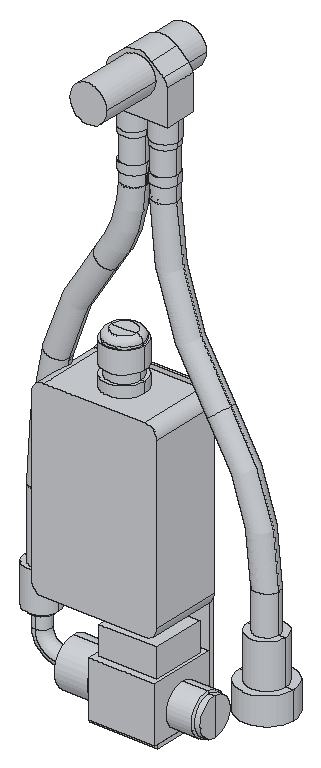
Revit family "PRD_AR_FlshCntrlDvcs_UrinalUnit_ACEF3002", category Plumbing Fixtures, Revit 2020
Family settings
  Round Connector Dimension = Use Diameter
  Part Type = Normal
  OmniClass Number = 23.65.55.14.17
  OmniClass Title = Adjusting/Controlling Valves for Liquid Services
  Work Plane-Based = No
  Always vertical = Yes
  Cut with Voids When Loaded = No
  Shared = No
  Room Calculation Point = No
Parameters (values of type "ACEF3002")
  WorkingPressure = 0.0 Pa
  WarrantyStartDate [instance] = "1900-12-31T23:59:59"
  WarrantyGuarantorParts = "n/a"
  WarrantyGuarantorLabor = "n/a"
  WarrantyDurationUnit = "year"
  WarrantyDurationParts = "n/a"
  WarrantyDurationLabor = "n/a"
  WarrantyDescription = "n/a"
  Version = "1"
  ValvePattern = "OTHER"
  ValveOperation = "OTHER"
  ValveMechanism = "OTHER"
  Uniclass2015Version = "Products v1.32"
  Uniclass2015Title = "Flush control devices"
  Uniclass2015Code = "Pr_75_50_46_31"
  URL = "www.kwc.com"
  TestPressure = 0.0 Pa
  TailorMade = "no"
  TagNumber [instance] = "n/a"
  SustainabilityPerformance = "n/a"
  Status = "New"
  Size = "0.000000000000"
  Shape = "n/a"
  SerialNumber [instance] = "n/a"
  Revision = "n/a"
  ReplacementCost = "n/a"
  Reference = "n/a"
  QuantityUom = "piece"
  Quantity = "1"
  ProtectiveSystemIP = "IP 68"
  ProductInformation = "http://pim.kwc.com/product/2030067532/attachment/datasheet?locale=en"
  PowerSupplyConnection = "6,75 / 12 V DC"
  PowerConsumption = "1.8 Voltampere"
  NominalWidth = 0 mm
  NominalHeight = 0 mm
  NominalDepth = 0 mm
  Name = "F5 smart urinal unit for single ceramic urinals ACEF3002"
  NBSTypeID = "n/a"
  NBSReference = "90-15-35/470"
  NBSOfficeMasterTag = "n/a"
  NBSNote = "n/a"
  NBSDescription = "Flush control devices"
  NBSCertification = "n/a"
  ModelReference = "ACEF3002"
  ModelNumber = "2030067532"
  Model = "ACEF3002"
  Material = "n/a"
  ManufacturerURL = "www.kwc.com"
  ManufacturerName = "KWC Group AG"
  Manufacturer = "KWC Group AG"
  IsHighPressure = no
  IntegralAccessories = "n/a"
  InstallationDate [instance] = "1900-12-31T23:59:59"
  IfcExportType = "FLUSHING"
  IfcExportAs = "IfcValveType"
  HasIntegralShutOffDevice = no
  Grade = "n/a"
  FlushingRate = 0.0 L/s
  FlowCoefficient = 0
  Finish = "n/a"
  Features = "for installation behind single urinals made of ceramic"
  ExpectedLife = "n/a"
  DurationUnit = "year"
  Description = "F5 smart urinal unit for installation behind single urinals made of ceramic. Water path pre-assembled with inlet connector, hoses, locking and solenoid valve. Control unit in sealed plastic box for wireless communication with the F5 smart urinal sensor. Either for battery operation with 6 V lithium battery (CR-P2) per control unit or separate power supply via power supply unit 6.75 V/12 V DC.\r\nBattery compartment including battery or power supply unit with extension cable must be ordered separately."
  Default Elevation = 0 mm
  CreateOn = "02/2024"  # constant formula
  Constituents = "n/a"
  Color = "n/a"
  CodePerformance = "n/a"
  CloseOffRating = 0.0 Pa
  Category = "Pr_75_50_46_31, Flush control devices"
  BodyMaterial = none
  BarCode [instance] = "n/a"
  BIMObjectName = "PRD_AR_FlushControlDevices_UrinalUnit_ACEF3002"
  Author = "Archispace"
  AssetType = "Fixed"
  AssetIdentifier [instance] = "n/a"
  AccessibilityPerformance = "n/a"
Reference planes
  plane 1 "Center (Front/Back)": y = 0
  plane 2: z = 0
  plane 3 "Center (Left/Right)": x = 0
Dimensions and locks
  aligned and locked: level to plane 2
Nested families
  nested 1: "ACEF3002" at (0, 0, 0), type "ACEF3002"
Connectors
  electrical at (0, 23, 286.398), driven by "PowerSupplyConnection"
    settings: on nested 1, index 1, voltage 12 V, apparent load 0 VA, apparent load phase1 0 VA, apparent load phase2 0 VA, apparent load phase3 0 VA, power factor 1, load classification "Other", number of poles 1, system type 30, power factor state 1, is connector primary yes, connector utility no, sub classification motor no, connector description "6,75 / 12 V DC"
Definition of nested family "ACEF3002"
  Parameters
    Material = none
    Default Elevation = 0 mm
  Reference planes
    plane 1 "Center (Front/Back)": y = 0
    plane 2: z = 0
    plane 3 "Center (Left/Right)": x = 0
  Forms (mm)
    Extrusion 1, solid, material <- "Material", detail levels fine
      sketch origin (0, 0, 0) x (1, 0, 0) y (0, 0, 1)
        loop
          circle (0, 286.398) r 9.5
      from 8 to 39
    Extrusion 2, solid, material <- "Material", detail levels fine
      sketch origin (0, 50, 0) x (1, 0, 0) y (0, 0, 1)
        loop
          circle (0, 286.398) r 10.5
      from 27 to 42
    Extrusion 3, solid, material <- "Material", detail levels fine
      sketch origin (0, 0, 0) x (1, 0, 0) y (0, 0, 1)
        loop
          line (-15.5, 267.398) -> (15.5, 267.398) -> (15.5, 285.69)
          arc (15.5, 285.69) -> (15.068, 287.724) -> (13.846, 289.406) r 5
          line (13.846, 289.406) -> (7.695, 294.944)
          arc (7.695, 294.944) -> (0, 297.898) -> (-7.695, 294.944) r 11.5
          line (-7.695, 294.944) -> (-13.846, 289.406)
          arc (-13.846, 289.406) -> (-15.068, 287.724) -> (-15.5, 285.69) r 5
          line (-15.5, 285.69) -> (-15.5, 267.398)
      from -8 to 8
    Revolve 4, solid, material <- "Material", detail levels fine
      sketch origin (0, 0, 0) x (1, 0, 0) y (0, 0, 1)
        loop
          line (-8, 254.555) -> (-8, 241.74) -> (-1.8, 241.74) -> (-1.8, 254.555) -> (-8, 254.555)
        loop
          line (-8, 257.398) -> (-1, 257.398) -> (-1, 267.398) -> (-8, 267.398) -> (-8, 257.398)
        loop
          line (-1.8, 231.398) -> (-1.8, 237.398) -> (-8, 237.398) -> (-8, 231.398) -> (-1.8, 231.398)
        axis (-8, 267.398) -> (-8, 231.398)
      angle from 0 to 360
    Revolve 5, solid, material <- "Material", detail levels fine
      sketch origin (0, 0, 0) x (1, 0, 0) y (0, 0, 1)
        loop
          line (-8, 254.555) -> (-1.3, 254.555) -> (-1.3, 257.398) -> (-8, 257.398) -> (-8, 254.555)
        loop
          line (-8, 241.74) -> (-8, 237.398) -> (-1.3, 237.398) -> (-1.3, 241.74) -> (-8, 241.74)
        axis (-8, 257.398) -> (-8, 237.398)
      angle from 0 to 360
    Revolve 6, solid, material <- "Material", detail levels fine
      sketch origin (0, 0, 0) x (-1, 0, 0) y (0, 0, 1)
        loop
          line (-8, 254.555) -> (-8, 241.74) -> (-1.8, 241.74) -> (-1.8, 254.555) -> (-8, 254.555)
        loop
          line (-8, 257.398) -> (-1, 257.398) -> (-1, 267.398) -> (-8, 267.398) -> (-8, 257.398)
        loop
          line (-1.8, 231.398) -> (-1.8, 237.398) -> (-8, 237.398) -> (-8, 231.398) -> (-1.8, 231.398)
        axis (-8, 267.398) -> (-8, 231.398)
      angle from 0 to 360
    Revolve 7, solid, material <- "Material", detail levels fine
      sketch origin (0, 0, 0) x (-1, 0, 0) y (0, 0, 1)
        loop
          line (-8, 254.555) -> (-1.3, 254.555) -> (-1.3, 257.398) -> (-8, 257.398) -> (-8, 254.555)
        loop
          line (-8, 241.74) -> (-8, 237.398) -> (-1.3, 237.398) -> (-1.3, 241.74) -> (-8, 241.74)
        axis (-8, 257.398) -> (-8, 237.398)
      angle from 0 to 360
    Revolve 8, solid, material <- "Material", detail levels fine
      sketch origin (0, 0, 0) x (1, 0, 0) y (0, 0, 1)
        loop
          line (-55.02, 40.498) -> (-63.768, 40.498) -> (-63.768, 20.498) -> (-61.324, 20.498) -> (-61.324, 18.498) -> (-55.02, 18.498) -> (-55.02, 40.498)
        axis (-55.02, 18.498) -> (-55.02, 40.498)
      angle from 0 to 360
    Revolve 9, solid, material <- "Material", detail levels fine
      sketch origin (115, 0, 8.5) x (1, 0, 0) y (0, 0, 1)
        loop
          line (-55.02, 40.498) -> (-64.693, 40.498) -> (-64.693, 17.998) -> (-68.875, 17.998) -> (-68.875, 3.998) -> (-55.02, 3.998) -> (-55.02, 40.498)
        axis (-55.02, 3.998) -> (-55.02, 40.498)
      angle from 0 to 360
    Revolve 10, solid, material <- "Material", detail levels fine
      sketch origin (0, 0, 0) x (1, 0, 0) y (0, 0, 1)
        loop
          line (-13.02, 135.748) -> (-13.02, 161.726) -> (-19.32, 161.726)
          arc (-19.32, 161.726) -> (-21.583, 160.788) -> (-22.52, 158.526) r 3.2
          line (-22.52, 158.526) -> (-22.52, 157.437) -> (-23.57, 157.437) -> (-23.57, 146.387) -> (-21.62, 146.387) -> (-21.62, 141.126) -> (-23.57, 141.126) -> (-23.57, 135.748) -> (-13.02, 135.748)
        axis (-13.02, 135.748) -> (-13.02, 161.726)
      angle from 0 to 360
    Extrusion 11, solid, material <- "Material", detail levels fine
      sketch origin (0, 0, 0) x (1, 0, 0) y (0, 0, 1)
        loop
          line (-45.02, 129.748) -> (-45.02, 43.748)
          arc (-45.02, 43.748) -> (-43.263, 39.505) -> (-39.02, 37.748) r 6
          line (-39.02, 37.748) -> (12.98, 37.748)
          arc (12.98, 37.748) -> (17.223, 39.505) -> (18.98, 43.748) r 6
          line (18.98, 43.748) -> (18.98, 129.748)
          arc (18.98, 129.748) -> (17.223, 133.99) -> (12.98, 135.748) r 6
          line (12.98, 135.748) -> (-39.02, 135.748)
          arc (-39.02, 135.748) -> (-43.263, 133.99) -> (-45.02, 129.748) r 6
      from -17.5 to 19
    Extrusion 12, solid, material <- "Material", detail levels fine
      sketch origin (0, 0, 0) x (1, 0, 0) y (0, 0, 1)
        loop
          line (-43.02, 16.748) -> (-18.02, -8.252) -> (-18.02, -11.752) -> (16.98, -11.752) -> (16.98, 132.748)
          arc (16.98, 132.748) -> (15.516, 136.283) -> (11.98, 137.748) r 5
          line (11.98, 137.748) -> (-38.02, 137.748)
          arc (-38.02, 137.748) -> (-41.556, 136.283) -> (-43.02, 132.748) r 5
          line (-43.02, 132.748) -> (-43.02, 16.748)
      from -19 to -17.5
    Extrusion 13, solid, material <- "Material", detail levels fine
      sketch origin (0, 0, 0) x (1, 0, 0) y (0, 0, 1)
        loop
          line (-18.02, -11.752) -> (-18.02, -13.252) -> (16.98, -13.252) -> (16.98, -11.752) -> (-18.02, -11.752)
      from -18.953 to 16
    Revolve 14, solid, material <- "Material", detail levels fine
      sketch origin (0, 0, 0) x (1, 0, 0) y (0, 0, 1)
        loop
          line (-39.02, 0) -> (-17.52, 0) -> (-17.52, 10.478) -> (-22.02, 10.478) -> (-22.02, 11.995) -> (-39.02, 11.995) -> (-39.02, 0)
        loop
          line (16.48, 10.478) -> (16.48, 0) -> (33.48, 0) -> (33.48, 9.498) -> (30.311, 9.498) -> (29.801, 10.478) -> (16.48, 10.478)
        axis (33.48, 0) -> (-39.02, 0)
      angle from 0 to 360
    Extrusion 15, solid, material <- "Material", detail levels fine
      sketch origin (0, 0, 0) x (1, 0, 0) y (0, 0, 1)
        loop
          line (-17.52, 16.748) -> (-17.52, -11.752) -> (16.48, -11.752) -> (16.48, 16.748) -> (-17.52, 16.748)
      from -17.5 to 17
    Extrusion 16, solid, material <- "Material", detail levels fine
      sketch origin (0, 0, 0) x (1, 0, 0) y (0, 0, 1)
        loop
          line (-15.02, 31.348) -> (-15.02, 16.748) -> (14.48, 16.748) -> (14.48, 31.348) -> (-15.02, 31.348)
      from -13.775 to 13.775
    Sweep 17, solid, material <- "Material", detail levels fine
      path origin (0, 0, 0) x (1, 0, 0) y (0, 0, 1)
        loop
          line (-39.02, 0) -> (-44.022, 0)
          arc (-44.022, 0) -> (-51.799, 3.221) -> (-55.02, 10.998) r 10.998
          line (-55.02, 10.998) -> (-55.02, 20.498)
      profile origin (-41.521, 0, 0) x (0, 0, -1) y (0, -1, 0)
        loop
          circle (0, 0) r 4.25
    Sweep 18, solid, material <- "Material", detail levels fine
      path origin (0, 0, 0) x (1, 0, 0) y (0, 0, 1)
        loop
          line (-55.02, 40.498) -> (-55.02, 76.498)
          arc (-55.02, 76.498) -> (-53.01, 108.498) -> (-47.01, 139.995) r 255.698
          arc (-47.01, 139.995) -> (-36.974, 167.23) -> (-21.624, 191.864) r 142.392
          arc (-21.624, 191.864) -> (-11.5, 210.641) -> (-8, 231.683) r 65
          line (-8, 231.683) -> (-8, 237.398)
      profile origin (-55.02, 0, 58.498) x (-1, 0, 0) y (0, -1, 0)
        loop
          circle (0, 0) r 6.2
    Sweep 19, solid, material <- "Material", detail levels fine
      path origin (0, 0, 0) x (-1, 0, 0) y (0, 0, 1)
        loop
          line (-59.98, 48.998) -> (-59.98, 68.998)
          arc (-59.98, 68.998) -> (-53.952, 107.189) -> (-36.455, 141.668) r 124.007
          arc (-36.455, 141.668) -> (-15.291, 183.374) -> (-8, 229.571) r 150
          line (-8, 229.571) -> (-8, 237.398)
      profile origin (8, 0, 233.484) x (-1, 0, 0) y (0, -1, 0)
        loop
          circle (0, 0) r 6.2
    Extrusion 20, solid, material <- "Material", detail levels coarse+medium
      sketch origin (0, 0, 0) x (1, 0, 0) y (0, 0, 1)
        loop
          line (-63.768, -13.252) -> (73.835, -13.252) -> (73.835, 297.898) -> (-63.768, 297.898) -> (-63.768, -13.252)
      from -19 to 39
  Cuts and joins
    joined: Extrusion 12, Extrusion 13
  Dimensions and locks
    aligned and locked: level to plane 2
